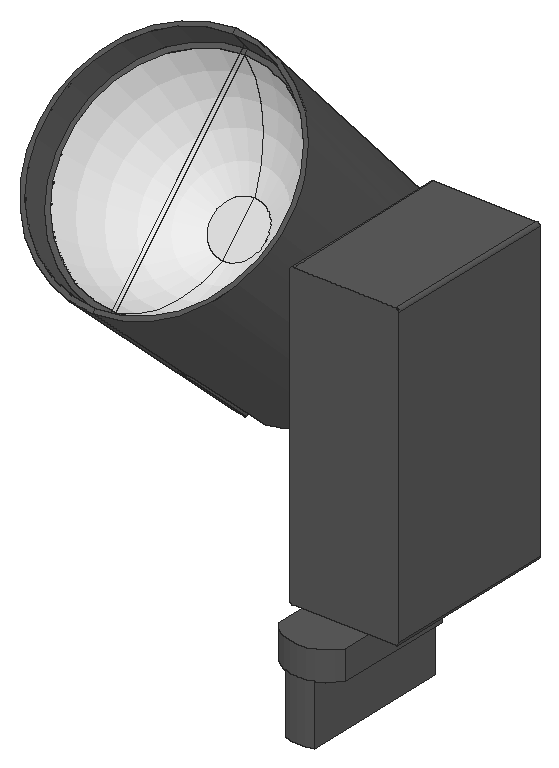
Revit family "0004946 Feilo Sylvania Lighting Fixture START TRACK SPOT L DALI 4405LM 930 WB BLK", category Lighting Fixtures, host Face, Revit 2017 (continued)
Definition of nested family "Start Track Spot Head"
  Types (96, lengths in mm): name | Wattage | built-in parameter 1150134 | Photometric Web File | Model | built-in parameter 1150105 | Lumens | built-in parameter 1150107 | built-in parameter 1150106 | HeadThickness_FEILO | HeadRibOffset_FEILO | HeadRibDepth_FEILO | HeadRibCutWidth_FEILO | HeadRibCutOffset_FEILO | HeadReflectorRadius_FEILO | HeadReflectorOffset_FEILO | HeadLEDRadius_FEILO | HeadHeight_FEILO | HeadDiffusorOffset_FEILO | HeadDiaOut_FEILO | HeadDiaIn_FEILO | HeadAxisFromTop_FEILO | Emit from Circle Diameter | built-in parameter 1150104 | Description | Apparent Load
    0004864 START TRACK SPOT S 24W 3K RA90 WB WHITE | 24 W | (empty or 0) | "0004864.ies" | "START TRACK SPOT S 24W 3K RA90 WB WHITE" | 152.79 (stored number, unit not read) | 1920 lm | 3000 (stored number, unit not read) | 1.5279 (stored number, unit not read) | 1.5 | 4.179 | 55.714 | 7.167 | 50.87 | 50.588 | 55.714 | 9.556 | 117 | 9.435 | 86 | 77.477 | 69.354 | 77.477 | 7.4322 (stored number, unit not read) | "Integrated LED spotlight, Textured White - RAL9016, compact and minimalist design, ideal for retail applications, die-cast aluminium body, passive cooling heatsink. Beam angle: 64°, color temperature: 3000K , total system power: 24W, total fixture output: 1928 lm, LOR: 100%, colour rendering: Ra: 90 typical, LED Chromaticity: 3 step MacAdam ellipse, lifetime: >50000 hours at L70B50, energy class: A++, A+, A, IR/UV free light source without heat radiation, operating voltage: 220-240V / 50-60Hz, drive current: 600mA, electronic driver, non-dimmable, power factor: 0.95, electrical protection: Class II, Global Track 3 Phase adapter suitable for Global trac 3-circuit tracks, ingress protection rating: IP20, suitable for internal environment only, horizontal rotation: 355°, vertical tilt: 90°, dimensions: Ø86x140x200, weight: 0.966kg." | 24 VA
    0004863 START TRACK SPOT S 24W 3K RA90 MB WHITE | 24 W | (empty or 0) | "0004863.ies" | "START TRACK SPOT S 24W 3K RA90 MB WHITE" | 154.7 (stored number, unit not read) | 1944 lm | 3000 (stored number, unit not read) | 1.547 (stored number, unit not read) | 1.5 | 4.179 | 55.714 | 7.167 | 50.87 | 50.588 | 55.714 | 9.556 | 117 | 9.435 | 86 | 77.477 | 69.354 | 77.477 | 7.5251 (stored number, unit not read) | "Integrated LED spotlight, Textured White - RAL9016, compact and minimalist design, ideal for retail applications, die-cast aluminium body, passive cooling heatsink. Beam angle: 36°, color temperature: 3000K , total system power: 24W, total fixture output: 1944 lm, LOR: 100%, colour rendering: Ra: 90 typical, LED Chromaticity: 3 step MacAdam ellipse, lifetime: >50000 hours at L70B50, energy class: A++, A+, A, IR/UV free light source without heat radiation, operating voltage: 220-240V / 50-60Hz, drive current: 600mA, electronic driver, non-dimmable, power factor: 0.95, electrical protection: Class II, Global Track 3 Phase adapter suitable for Global trac 3-circuit tracks, ingress protection rating: IP20, suitable for internal environment only, horizontal rotation: 355°, vertical tilt: 90°, dimensions: Ø86x140x200, weight: 0.966kg." | 24 VA
    0004862 START TRACK SPOT S 24W 3K RA90 NB WHITE | 24 W | (empty or 0) | "0004862.ies" | "START TRACK SPOT S 24W 3K RA90 NB WHITE" | 158.52 (stored number, unit not read) | 1992 lm | 3000 (stored number, unit not read) | 1.5852 (stored number, unit not read) | 1.5 | 4.179 | 55.714 | 7.167 | 50.87 | 50.588 | 55.714 | 9.556 | 117 | 9.435 | 86 | 77.477 | 69.354 | 77.477 | 7.711 (stored number, unit not read) | "Integrated LED spotlight, Textured White - RAL9016, compact and minimalist design, ideal for retail applications, die-cast aluminium body, passive cooling heatsink. Beam angle: 12°, color temperature: 3000K , total system power: 24W, total fixture output: 1987 lm, LOR: 100%, colour rendering: Ra: 90 typical, LED Chromaticity: 3 step MacAdam ellipse, lifetime: >50000 hours at L70B50, energy class: A++, A+, A, IR/UV free light source without heat radiation, operating voltage: 220-240V / 50-60Hz, drive current: 600mA, electronic driver, non-dimmable, power factor: 0.95, electrical protection: Class II, Global Track 3 Phase adapter suitable for Global trac 3-circuit tracks, ingress protection rating: IP20, suitable for internal environment only, horizontal rotation: 355°, vertical tilt: 90°, dimensions: Ø86x140x200, weight: 0.966kg." | 24 VA
    0004861 START TRACK SPOT S 14W 3K RA90 WB WHITE | 14 W | (empty or 0) | "0004861.ies" | "START TRACK SPOT S 14W 3K RA90 WB WHITE" | 100.27 (stored number, unit not read) | 1260 lm | 3000 (stored number, unit not read) | 1.0027 (stored number, unit not read) | 1.5 | 4.179 | 55.714 | 7.167 | 50.87 | 50.588 | 55.714 | 9.556 | 117 | 9.435 | 86 | 77.477 | 69.354 | 77.477 | 8.3613 (stored number, unit not read) | "Integrated LED spotlight, Textured White - RAL9016, compact and minimalist design, ideal for retail applications, die-cast aluminium body, passive cooling heatsink. Beam angle: 64°, color temperature: 3000K , total system power: 14W, total fixture output: 1262 lm, LOR: 100%, colour rendering: Ra: 90 typical, LED Chromaticity: 3 step MacAdam ellipse, lifetime: >50000 hours at L70B50, energy class: A++, A+, A, IR/UV free light source without heat radiation, operating voltage: 220-240V / 50-60Hz, drive current: 350mA, electronic driver, non-dimmable, power factor: 0.92, electrical protection: Class II, Global Track 3 Phase adapter suitable for Global trac 3-circuit tracks, ingress protection rating: IP20, suitable for internal environment only, horizontal rotation: 355°, vertical tilt: 90°, dimensions: Ø86x140x200, weight: 0.940kg." | 14 VA
    0004860 START TRACK SPOT S 14W 3K RA90 MB WHITE | 14 W | (empty or 0) | "0004860.ies" | "START TRACK SPOT S 14W 3K RA90 MB WHITE" | 100.27 (stored number, unit not read) | 1260 lm | 3000 (stored number, unit not read) | 1.0027 (stored number, unit not read) | 1.5 | 4.179 | 55.714 | 7.167 | 50.87 | 50.588 | 55.714 | 9.556 | 117 | 9.435 | 86 | 77.477 | 69.354 | 77.477 | 8.3613 (stored number, unit not read) | "Integrated LED spotlight, Textured White - RAL9016, compact and minimalist design, ideal for retail applications, die-cast aluminium body, passive cooling heatsink. Beam angle: 36°, color temperature: 3000K , total system power: 14W, total fixture output: 1262 lm, LOR: 100%, colour rendering: Ra: 90 typical, LED Chromaticity: 3 step MacAdam ellipse, lifetime: >50000 hours at L70B50, energy class: A++, A+, A, IR/UV free light source without heat radiation, operating voltage: 220-240V / 50-60Hz, drive current: 350mA, electronic driver, non-dimmable, power factor: 0.92, electrical protection: Class II, Global Track 3 Phase adapter suitable for Global trac 3-circuit tracks, ingress protection rating: IP20, suitable for internal environment only, horizontal rotation: 355°, vertical tilt: 90°, dimensions: Ø86x140x200, weight: 0.940kg." | 14 VA
    0004859 START TRACK SPOT S 14W 3K RA90 NB WHITE | 14 W | (empty or 0) | "0004859.ies" | "START TRACK SPOT S 14W 3K RA90 NB WHITE" | 102.5 (stored number, unit not read) | 1288 lm | 3000 (stored number, unit not read) | 1.025 (stored number, unit not read) | 1.5 | 4.179 | 55.714 | 7.167 | 50.87 | 50.588 | 55.714 | 9.556 | 117 | 9.435 | 86 | 77.477 | 69.354 | 77.477 | 8.5471 (stored number, unit not read) | "Integrated LED spotlight, Textured White - RAL9016, compact and minimalist design, ideal for retail applications, die-cast aluminium body, passive cooling heatsink. Beam angle: 12°, color temperature: 3000K , total system power: 14W, total fixture output: 1284 lm, LOR: 100%, colour rendering: Ra: 90 typical, LED Chromaticity: 3 step MacAdam ellipse, lifetime: >50000 hours at L70B50, energy class: A++, A+, A, IR/UV free light source without heat radiation, operating voltage: 220-240V / 50-60Hz, drive current: 350mA, electronic driver, non-dimmable, power factor: 0.92, electrical protection: Class II, Global Track 3 Phase adapter suitable for Global trac 3-circuit tracks, ingress protection rating: IP20, suitable for internal environment only, horizontal rotation: 355°, vertical tilt: 90°, dimensions: Ø86x140x200, weight: 0.940kg." | 14 VA
    0004858 START TRACK SPOT L 55W 4K RA80 WB BLACK | 55 W | 12 | "0004858.ies" | "START TRACK SPOT L 55W 4K RA80 WB BLACK" | 424.55 (stored number, unit not read) | 5335 lm | 4000 (stored number, unit not read) | 4.2455 (stored number, unit not read) | 2 | 4.429 | 59.048 | 9.417 | 53.913 | 66.471 | 59.048 | 12.556 | 124 | 10 | 113 | 101.802 | 73.503 | 101.802 | 9.0116 (stored number, unit not read) | "Integrated LED spotlight, Textured Black - RAL9005, compact and minimalist design, ideal for retail applications, die-cast aluminium body, passive cooling heatsink. Beam angle: 52°, color temperature: 4000K , total system power: 55W, total fixture output: 5320 lm, LOR: 100%, colour rendering: Ra: 80 typical, LED Chromaticity: 3 step MacAdam ellipse, lifetime: >50000 hours at L70B50, energy class: A++, A+, A, IR/UV free light source without heat radiation, operating voltage: 220-240V / 50-60Hz, drive current: 1400mA, electronic driver, non-dimmable, power factor: 0.96, electrical protection: Class II, Global Track 3 Phase adapter suitable for Global trac 3-circuit tracks, ingress protection rating: IP20, suitable for internal environment only, horizontal rotation: 355°, vertical tilt: 90°, dimensions: Ø113x164x240, weight: 1.398kg." | 55 VA
    0004857 START TRACK SPOT L 55W 4K RA80 MB BLACK | 55 W | 12 | "0004857.ies" | "START TRACK SPOT L 55W 4K RA80 MB BLACK" | 428.92 (stored number, unit not read) | 5390 lm | 4000 (stored number, unit not read) | 4.2892 (stored number, unit not read) | 2 | 4.429 | 59.048 | 9.417 | 53.913 | 66.471 | 59.048 | 12.556 | 124 | 10 | 113 | 101.802 | 73.503 | 101.802 | 9.1045 (stored number, unit not read) | "Integrated LED spotlight, Textured Black - RAL9005, compact and minimalist design, ideal for retail applications, die-cast aluminium body, passive cooling heatsink. Beam angle: 38°, color temperature: 4000K , total system power: 55W, total fixture output: 5378 lm, LOR: 100%, colour rendering: Ra: 80 typical, LED Chromaticity: 3 step MacAdam ellipse, lifetime: >50000 hours at L70B50, energy class: A++, A+, A, IR/UV free light source without heat radiation, operating voltage: 220-240V / 50-60Hz, drive current: 1400mA, electronic driver, non-dimmable, power factor: 0.96, electrical protection: Class II, Global Track 3 Phase adapter suitable for Global trac 3-circuit tracks, ingress protection rating: IP20, suitable for internal environment only, horizontal rotation: 355°, vertical tilt: 90°, dimensions: Ø113x164x240, weight: 1.398kg." | 55 VA
    0004856 START TRACK SPOT L 55W 4K RA80 NB BLACK | 55 W | 12 | "0004856.ies" | "START TRACK SPOT L 55W 4K RA80 NB BLACK" | 433.3 (stored number, unit not read) | 5445 lm | 4000 (stored number, unit not read) | 4.333 (stored number, unit not read) | 2 | 4.429 | 59.048 | 9.417 | 53.913 | 66.471 | 59.048 | 12.556 | 124 | 10 | 113 | 101.802 | 73.503 | 101.802 | 9.1974 (stored number, unit not read) | "Integrated LED spotlight, Textured Black - RAL9005, compact and minimalist design, ideal for retail applications, die-cast aluminium body, passive cooling heatsink. Beam angle: 15°, color temperature: 4000K , total system power: 55W, total fixture output: 5426 lm, LOR: 100%, colour rendering: Ra: 80 typical, LED Chromaticity: 3 step MacAdam ellipse, lifetime: >50000 hours at L70B50, energy class: A++, A+, A, IR/UV free light source without heat radiation, operating voltage: 220-240V / 50-60Hz, drive current: 1400mA, electronic driver, non-dimmable, power factor: 0.96, electrical protection: Class II, Global Track 3 Phase adapter suitable for Global trac 3-circuit tracks, ingress protection rating: IP20, suitable for internal environment only, horizontal rotation: 355°, vertical tilt: 90°, dimensions: Ø113x164x240, weight: 1.398kg." | 55 VA
    0004855 START TRACK SPOT L 35W 4K RA80 WB BLACK | 35 W | 12 | "0004855.ies" | "START TRACK SPOT L 35W 4K RA80 WB BLACK" | 320.3 (stored number, unit not read) | 4025 lm | 4000 (stored number, unit not read) | 3.203 (stored number, unit not read) | 2 | 4.429 | 59.048 | 9.417 | 53.913 | 66.471 | 59.048 | 12.556 | 124 | 10 | 113 | 101.802 | 73.503 | 101.802 | 10.684 (stored number, unit not read) | "Integrated LED spotlight, Textured Black - RAL9005, compact and minimalist design, ideal for retail applications, die-cast aluminium body, passive cooling heatsink. Beam angle: 52°, color temperature: 4000K , total system power: 35W, total fixture output: 4010 lm, LOR: 100%, colour rendering: Ra: 80 typical, LED Chromaticity: 3 step MacAdam ellipse, lifetime: >50000 hours at L70B50, energy class: A++, A+, A, IR/UV free light source without heat radiation, operating voltage: 220-240V / 50-60Hz, drive current: 900mA, electronic driver, non-dimmable, power factor: 0.93, electrical protection: Class II, Global Track 3 Phase adapter suitable for Global trac 3-circuit tracks, ingress protection rating: IP20, suitable for internal environment only, horizontal rotation: 355°, vertical tilt: 90°, dimensions: Ø113x164x240, weight: 1.368kg." | 35 VA
    0004854 START TRACK SPOT L 35W 4K RA80 MB BLACK | 35 W | 12 | "0004854.ies" | "START TRACK SPOT L 35W 4K RA80 MB BLACK" | 320.3 (stored number, unit not read) | 4025 lm | 4000 (stored number, unit not read) | 3.203 (stored number, unit not read) | 2 | 4.429 | 59.048 | 9.417 | 53.913 | 66.471 | 59.048 | 12.556 | 124 | 10 | 113 | 101.802 | 73.503 | 101.802 | 10.684 (stored number, unit not read) | "Integrated LED spotlight, Textured Black - RAL9005, compact and minimalist design, ideal for retail applications, die-cast aluminium body, passive cooling heatsink. Beam angle: 38°, color temperature: 4000K , total system power: 35W, total fixture output: 4017 lm, LOR: 100%, colour rendering: Ra: 80 typical, LED Chromaticity: 3 step MacAdam ellipse, lifetime: >50000 hours at L70B50, energy class: A++, A+, A, IR/UV free light source without heat radiation, operating voltage: 220-240V / 50-60Hz, drive current: 900mA, electronic driver, non-dimmable, power factor: 0.93, electrical protection: Class II, Global Track 3 Phase adapter suitable for Global trac 3-circuit tracks, ingress protection rating: IP20, suitable for internal environment only, horizontal rotation: 355°, vertical tilt: 90°, dimensions: Ø113x164x240, weight: 1.368kg." | 35 VA
    0004853 START TRACK SPOT L 35W 4K RA80 NB BLACK | 35 W | 12 | "0004853.ies" | "START TRACK SPOT L 35W 4K RA80 NB BLACK" | 331.44 (stored number, unit not read) | 4165 lm | 4000 (stored number, unit not read) | 3.3144 (stored number, unit not read) | 2 | 4.429 | 59.048 | 9.417 | 53.913 | 66.471 | 59.048 | 12.556 | 124 | 10 | 113 | 101.802 | 73.503 | 101.802 | 11.055 (stored number, unit not read) | "Integrated LED spotlight, Textured Black - RAL9005, compact and minimalist design, ideal for retail applications, die-cast aluminium body, passive cooling heatsink. Beam angle: 15°, color temperature: 4000K , total system power: 35W, total fixture output: 4174 lm, LOR: 100%, colour rendering: Ra: 80 typical, LED Chromaticity: 3 step MacAdam ellipse, lifetime: >50000 hours at L70B50, energy class: A++, A+, A, IR/UV free light source without heat radiation, operating voltage: 220-240V / 50-60Hz, drive current: 900mA, electronic driver, non-dimmable, power factor: 0.93, electrical protection: Class II, Global Track 3 Phase adapter suitable for Global trac 3-circuit tracks, ingress protection rating: IP20, suitable for internal environment only, horizontal rotation: 355°, vertical tilt: 90°, dimensions: Ø113x164x240, weight: 1.368kg." | 35 VA
    0004852 START TRACK SPOT S 24W 4K RA80 WB BLACK | 24 W | 12 | "0004852.ies" | "START TRACK SPOT S 24W 4K RA80 WB BLACK" | 196.72 (stored number, unit not read) | 2472 lm | 4000 (stored number, unit not read) | 1.9672 (stored number, unit not read) | 1.5 | 4.179 | 55.714 | 7.167 | 50.87 | 50.588 | 55.714 | 9.556 | 117 | 9.435 | 86 | 77.477 | 69.354 | 77.477 | 9.569 (stored number, unit not read) | "Integrated LED spotlight, Textured Black - RAL9005, compact and minimalist design, ideal for retail applications, die-cast aluminium body, passive cooling heatsink. Beam angle: 64°, color temperature: 4000K , total system power: 24W, total fixture output: 2476 lm, LOR: 100%, colour rendering: Ra: 80 typical, LED Chromaticity: 3 step MacAdam ellipse, lifetime: >50000 hours at L70B50, energy class: A++, A+, A, IR/UV free light source without heat radiation, operating voltage: 220-240V / 50-60Hz, drive current: 600mA, electronic driver, non-dimmable, power factor: 0.95, electrical protection: Class II, Global Track 3 Phase adapter suitable for Global trac 3-circuit tracks, ingress protection rating: IP20, suitable for internal environment only, horizontal rotation: 355°, vertical tilt: 90°, dimensions: Ø86x140x200, weight: 0.966kg." | 24 VA
    0004851 START TRACK SPOT S 24W 4K RA80 MB BLACK | 24 W | 12 | "0004851.ies" | "START TRACK SPOT S 24W 4K RA80 MB BLACK" | 198.63 (stored number, unit not read) | 2496 lm | 4000 (stored number, unit not read) | 1.9863 (stored number, unit not read) | 1.5 | 4.179 | 55.714 | 7.167 | 50.87 | 50.588 | 55.714 | 9.556 | 117 | 9.435 | 86 | 77.477 | 69.354 | 77.477 | 9.6619 (stored number, unit not read) | "Integrated LED spotlight, Textured Black - RAL9005, compact and minimalist design, ideal for retail applications, die-cast aluminium body, passive cooling heatsink. Beam angle: 36°, color temperature: 4000K , total system power: 24W, total fixture output: 2487 lm, LOR: 100%, colour rendering: Ra: 80 typical, LED Chromaticity: 3 step MacAdam ellipse, lifetime: >50000 hours at L70B50, energy class: A++, A+, A, IR/UV free light source without heat radiation, operating voltage: 220-240V / 50-60Hz, drive current: 600mA, electronic driver, non-dimmable, power factor: 0.95, electrical protection: Class II, Global Track 3 Phase adapter suitable for Global trac 3-circuit tracks, ingress protection rating: IP20, suitable for internal environment only, horizontal rotation: 355°, vertical tilt: 90°, dimensions: Ø86x140x200, weight: 0.966kg." | 24 VA
    0004850 START TRACK SPOT S 24W 4K RA80 NB BLACK | 24 W | 12 | "0004850.ies" | "START TRACK SPOT S 24W 4K RA80 NB BLACK" | 200.54 (stored number, unit not read) | 2520 lm | 4000 (stored number, unit not read) | 2.0054 (stored number, unit not read) | 1.5 | 4.179 | 55.714 | 7.167 | 50.87 | 50.588 | 55.714 | 9.556 | 117 | 9.435 | 86 | 77.477 | 69.354 | 77.477 | 9.7548 (stored number, unit not read) | "Integrated LED spotlight, Textured Black - RAL9005, compact and minimalist design, ideal for retail applications, die-cast aluminium body, passive cooling heatsink. Beam angle: 12°, color temperature: 4000K , total system power: 24W, total fixture output: 2529 lm, LOR: 100%, colour rendering: Ra: 80 typical, LED Chromaticity: 3 step MacAdam ellipse, lifetime: >50000 hours at L70B50, energy class: A++, A+, A, IR/UV free light source without heat radiation, operating voltage: 220-240V / 50-60Hz, drive current: 600mA, electronic driver, non-dimmable, power factor: 0.95, electrical protection: Class II, Global Track 3 Phase adapter suitable for Global trac 3-circuit tracks, ingress protection rating: IP20, suitable for internal environment only, horizontal rotation: 355°, vertical tilt: 90°, dimensions: Ø86x140x200, weight: 0.966kg." | 24 VA
    0004849 START TRACK SPOT S 14W 4K RA80 WB BLACK | 14 W | 12 | "0004849.ies" | "START TRACK SPOT S 14W 4K RA80 WB BLACK" | 123.66 (stored number, unit not read) | 1554 lm | 4000 (stored number, unit not read) | 1.2366 (stored number, unit not read) | 1.5 | 4.179 | 55.714 | 7.167 | 50.87 | 50.588 | 55.714 | 9.556 | 117 | 9.435 | 86 | 77.477 | 69.354 | 77.477 | 10.312 (stored number, unit not read) | "Integrated LED spotlight, Textured Black - RAL9005, compact and minimalist design, ideal for retail applications, die-cast aluminium body, passive cooling heatsink. Beam angle: 64°, color temperature: 4000K , total system power: 14W, total fixture output: 1558 lm, LOR: 100%, colour rendering: Ra: 80 typical, LED Chromaticity: 3 step MacAdam ellipse, lifetime: >50000 hours at L70B50, energy class: A++, A+, A, IR/UV free light source without heat radiation, operating voltage: 220-240V / 50-60Hz, drive current: 350mA, electronic driver, non-dimmable, power factor: 0.92, electrical protection: Class II, Global Track 3 Phase adapter suitable for Global trac 3-circuit tracks, ingress protection rating: IP20, suitable for internal environment only, horizontal rotation: 355°, vertical tilt: 90°, dimensions: Ø86x140x200, weight: 0.940kg." | 14 VA
    0004848 START TRACK SPOT S 14W 4K RA80 MB BLACK | 14 W | 12 | "0004848.ies" | "START TRACK SPOT S 14W 4K RA80 MB BLACK" | 127.01 (stored number, unit not read) | 1596 lm | 4000 (stored number, unit not read) | 1.2701 (stored number, unit not read) | 1.5 | 4.179 | 55.714 | 7.167 | 50.87 | 50.588 | 55.714 | 9.556 | 117 | 9.435 | 86 | 77.477 | 69.354 | 77.477 | 10.591 (stored number, unit not read) | "Integrated LED spotlight, Textured Black - RAL9005, compact and minimalist design, ideal for retail applications, die-cast aluminium body, passive cooling heatsink. Beam angle: 36°, color temperature: 4000K , total system power: 14W, total fixture output: 1598 lm, LOR: 100%, colour rendering: Ra: 80 typical, LED Chromaticity: 3 step MacAdam ellipse, lifetime: >50000 hours at L70B50, energy class: A++, A+, A, IR/UV free light source without heat radiation, operating voltage: 220-240V / 50-60Hz, drive current: 350mA, electronic driver, non-dimmable, power factor: 0.92, electrical protection: Class II, Global Track 3 Phase adapter suitable for Global trac 3-circuit tracks, ingress protection rating: IP20, suitable for internal environment only, horizontal rotation: 355°, vertical tilt: 90°, dimensions: Ø86x140x200, weight: 0.940kg." | 14 VA
    0004847 START TRACK SPOT S 14W 4K RA80 NB BLACK | 14 W | 12 | "0004847.ies" | "START TRACK SPOT S 14W 4K RA80 NB BLACK" | 128.12 (stored number, unit not read) | 1610 lm | 4000 (stored number, unit not read) | 1.2812 (stored number, unit not read) | 1.5 | 4.179 | 55.714 | 7.167 | 50.87 | 50.588 | 55.714 | 9.556 | 117 | 9.435 | 86 | 77.477 | 69.354 | 77.477 | 10.684 (stored number, unit not read) | "Integrated LED spotlight, Textured Black - RAL9005, compact and minimalist design, ideal for retail applications, die-cast aluminium body, passive cooling heatsink. Beam angle: 12°, color temperature: 4000K , total system power: 14W, total fixture output: 1608 lm, LOR: 100%, colour rendering: Ra: 80 typical, LED Chromaticity: 3 step MacAdam ellipse, lifetime: >50000 hours at L70B50, energy class: A++, A+, A, IR/UV free light source without heat radiation, operating voltage: 220-240V / 50-60Hz, drive current: 350mA, electronic driver, non-dimmable, power factor: 0.92, electrical protection: Class II, Global Track 3 Phase adapter suitable for Global trac 3-circuit tracks, ingress protection rating: IP20, suitable for internal environment only, horizontal rotation: 355°, vertical tilt: 90°, dimensions: Ø86x140x200, weight: 0.940kg." | 14 VA
    0004846 START TRACK SPOT L 55W 3K RA80 WB BLACK | 55 W | (empty or 0) | "0004846.ies" | "START TRACK SPOT L 55W 3K RA80 WB BLACK" | 420.17 (stored number, unit not read) | 5280 lm | 3000 (stored number, unit not read) | 4.2017 (stored number, unit not read) | 2 | 4.429 | 59.048 | 9.417 | 53.913 | 66.471 | 59.048 | 12.556 | 124 | 10 | 113 | 101.802 | 73.503 | 101.802 | 8.9187 (stored number, unit not read) | "Integrated LED spotlight, Textured Black - RAL9005, compact and minimalist design, ideal for retail applications, die-cast aluminium body, passive cooling heatsink. Beam angle: 52°, color temperature: 3000K , total system power: 55W, total fixture output: 5298 lm, LOR: 100%, colour rendering: Ra: 80 typical, LED Chromaticity: 3 step MacAdam ellipse, lifetime: >50000 hours at L70B50, energy class: A++, A+, A, IR/UV free light source without heat radiation, operating voltage: 220-240V / 50-60Hz, drive current: 1400mA, electronic driver, non-dimmable, power factor: 0.96, electrical protection: Class II, Global Track 3 Phase adapter suitable for Global trac 3-circuit tracks, ingress protection rating: IP20, suitable for internal environment only, horizontal rotation: 355°, vertical tilt: 90°, dimensions: Ø113x164x240, weight: 1.398kg." | 55 VA
    0004845 START TRACK SPOT L 55W 3K RA80 MB BLACK | 55 W | (empty or 0) | "0004845.ies" | "START TRACK SPOT L 55W 3K RA80 MB BLACK" | 428.92 (stored number, unit not read) | 5390 lm | 3000 (stored number, unit not read) | 4.2892 (stored number, unit not read) | 2 | 4.429 | 59.048 | 9.417 | 53.913 | 66.471 | 59.048 | 12.556 | 124 | 10 | 113 | 101.802 | 73.503 | 101.802 | 9.1045 (stored number, unit not read) | "Integrated LED spotlight, Textured Black - RAL9005, compact and minimalist design, ideal for retail applications, die-cast aluminium body, passive cooling heatsink. Beam angle: 38°, color temperature: 3000K , total system power: 55W, total fixture output: 5381 lm, LOR: 100%, colour rendering: Ra: 80 typical, LED Chromaticity: 3 step MacAdam ellipse, lifetime: >50000 hours at L70B50, energy class: A++, A+, A, IR/UV free light source without heat radiation, operating voltage: 220-240V / 50-60Hz, drive current: 1400mA, electronic driver, non-dimmable, power factor: 0.96, electrical protection: Class II, Global Track 3 Phase adapter suitable for Global trac 3-circuit tracks, ingress protection rating: IP20, suitable for internal environment only, horizontal rotation: 355°, vertical tilt: 90°, dimensions: Ø113x164x240, weight: 1.398kg." | 55 VA
    0004844 START TRACK SPOT L 55W 3K RA80 NB BLACK | 55 W | (empty or 0) | "0004844.ies" | "START TRACK SPOT L 55W 3K RA80 NB BLACK" | 433.3 (stored number, unit not read) | 5445 lm | 3000 (stored number, unit not read) | 4.333 (stored number, unit not read) | 2 | 4.429 | 59.048 | 9.417 | 53.913 | 66.471 | 59.048 | 12.556 | 124 | 10 | 113 | 101.802 | 73.503 | 101.802 | 9.1974 (stored number, unit not read) | "Integrated LED spotlight, Textured Black - RAL9005, compact and minimalist design, ideal for retail applications, die-cast aluminium body, passive cooling heatsink. Beam angle: 15°, color temperature: 3000K , total system power: 55W, total fixture output: 5449 lm, LOR: 100%, colour rendering: Ra: 80 typical, LED Chromaticity: 3 step MacAdam ellipse, lifetime: >50000 hours at L70B50, energy class: A++, A+, A, IR/UV free light source without heat radiation, operating voltage: 220-240V / 50-60Hz, drive current: 1400mA, electronic driver, non-dimmable, power factor: 0.96, electrical protection: Class II, Global Track 3 Phase adapter suitable for Global trac 3-circuit tracks, ingress protection rating: IP20, suitable for internal environment only, horizontal rotation: 355°, vertical tilt: 90°, dimensions: Ø113x164x240, weight: 1.398kg." | 55 VA
    0004843 START TRACK SPOT L 35W 3K RA80 WB BLACK | 35 W | (empty or 0) | "0004843.ies" | "START TRACK SPOT L 35W 3K RA80 WB BLACK" | 314.73 (stored number, unit not read) | 3955 lm | 3000 (stored number, unit not read) | 3.1473 (stored number, unit not read) | 2 | 4.429 | 59.048 | 9.417 | 53.913 | 66.471 | 59.048 | 12.556 | 124 | 10 | 113 | 101.802 | 73.503 | 101.802 | 10.498 (stored number, unit not read) | "Integrated LED spotlight, Textured Black - RAL9005, compact and minimalist design, ideal for retail applications, die-cast aluminium body, passive cooling heatsink. Beam angle: 52°, color temperature: 3000K , total system power: 35W, total fixture output: 3943 lm, LOR: 100%, colour rendering: Ra: 80 typical, LED Chromaticity: 3 step MacAdam ellipse, lifetime: >50000 hours at L70B50, energy class: A++, A+, A, IR/UV free light source without heat radiation, operating voltage: 220-240V / 50-60Hz, drive current: 900mA, electronic driver, non-dimmable, power factor: 0.93, electrical protection: Class II, Global Track 3 Phase adapter suitable for Global trac 3-circuit tracks, ingress protection rating: IP20, suitable for internal environment only, horizontal rotation: 355°, vertical tilt: 90°, dimensions: Ø113x164x240, weight: 1.368kg." | 35 VA
    0004842 START TRACK SPOT L 35W 3K RA80 MB BLACK | 35 W | (empty or 0) | "0004842.ies" | "START TRACK SPOT L 35W 3K RA80 MB BLACK" | 320.3 (stored number, unit not read) | 4025 lm | 3000 (stored number, unit not read) | 3.203 (stored number, unit not read) | 2 | 4.429 | 59.048 | 9.417 | 53.913 | 66.471 | 59.048 | 12.556 | 124 | 10 | 113 | 101.802 | 73.503 | 101.802 | 10.684 (stored number, unit not read) | "Integrated LED spotlight, Textured Black - RAL9005, compact and minimalist design, ideal for retail applications, die-cast aluminium body, passive cooling heatsink. Beam angle: 38°, color temperature: 3000K , total system power: 35W, total fixture output: 4008 lm, LOR: 100%, colour rendering: Ra: 80 typical, LED Chromaticity: 3 step MacAdam ellipse, lifetime: >50000 hours at L70B50, energy class: A++, A+, A, IR/UV free light source without heat radiation, operating voltage: 220-240V / 50-60Hz, drive current: 900mA, electronic driver, non-dimmable, power factor: 0.93, electrical protection: Class II, Global Track 3 Phase adapter suitable for Global trac 3-circuit tracks, ingress protection rating: IP20, suitable for internal environment only, horizontal rotation: 355°, vertical tilt: 90°, dimensions: Ø113x164x240, weight: 1.368kg." | 35 VA
    0004841 START TRACK SPOT L 35W 3K RA80 NB BLACK | 35 W | (empty or 0) | "0004841.ies" | "START TRACK SPOT L 35W 3K RA80 NB BLACK" | 317.51 (stored number, unit not read) | 3990 lm | 3000 (stored number, unit not read) | 3.1751 (stored number, unit not read) | 2 | 4.429 | 59.048 | 9.417 | 53.913 | 66.471 | 59.048 | 12.556 | 124 | 10 | 113 | 101.802 | 73.503 | 101.802 | 10.591 (stored number, unit not read) | "Integrated LED spotlight, Textured Black - RAL9005, compact and minimalist design, ideal for retail applications, die-cast aluminium body, passive cooling heatsink. Beam angle: 15°, color temperature: 3000K , total system power: 35W, total fixture output: 4005 lm, LOR: 100%, colour rendering: Ra: 80 typical, LED Chromaticity: 3 step MacAdam ellipse, lifetime: >50000 hours at L70B50, energy class: A++, A+, A, IR/UV free light source without heat radiation, operating voltage: 220-240V / 50-60Hz, drive current: 900mA, electronic driver, non-dimmable, power factor: 0.93, electrical protection: Class II, Global Track 3 Phase adapter suitable for Global trac 3-circuit tracks, ingress protection rating: IP20, suitable for internal environment only, horizontal rotation: 355°, vertical tilt: 90°, dimensions: Ø113x164x240, weight: 1.368kg." | 35 VA
    0004840 START TRACK SPOT S 24W 3K RA80 WB BLACK | 24 W | (empty or 0) | "0004840.ies" | "START TRACK SPOT S 24W 3K RA80 WB BLACK" | 185.26 (stored number, unit not read) | 2328 lm | 3000 (stored number, unit not read) | 1.8526 (stored number, unit not read) | 1.5 | 4.179 | 55.714 | 7.167 | 50.87 | 50.588 | 55.714 | 9.556 | 117 | 9.435 | 86 | 77.477 | 69.354 | 77.477 | 9.0116 (stored number, unit not read) | "Integrated LED spotlight, Textured Black - RAL9005, compact and minimalist design, ideal for retail applications, die-cast aluminium body, passive cooling heatsink. Beam angle: 64°, color temperature: 3000K , total system power: 24W, total fixture output: 2318 lm, LOR: 100%, colour rendering: Ra: 80 typical, LED Chromaticity: 3 step MacAdam ellipse, lifetime: >50000 hours at L70B50, energy class: A++, A+, A, IR/UV free light source without heat radiation, operating voltage: 220-240V / 50-60Hz, drive current: 600mA, electronic driver, non-dimmable, power factor: 0.95, electrical protection: Class II, Global Track 3 Phase adapter suitable for Global trac 3-circuit tracks, ingress protection rating: IP20, suitable for internal environment only, horizontal rotation: 355°, vertical tilt: 90°, dimensions: Ø86x140x200, weight: 0.966kg." | 24 VA
    0004839 START TRACK SPOT S 24W 3K RA80 MB BLACK | 24 W | (empty or 0) | "0004839.ies" | "START TRACK SPOT S 24W 3K RA80 MB BLACK" | 183.35 (stored number, unit not read) | 2304 lm | 3000 (stored number, unit not read) | 1.8335 (stored number, unit not read) | 1.5 | 4.179 | 55.714 | 7.167 | 50.87 | 50.588 | 55.714 | 9.556 | 117 | 9.435 | 86 | 77.477 | 69.354 | 77.477 | 8.9187 (stored number, unit not read) | "Integrated LED spotlight, Textured Black - RAL9005, compact and minimalist design, ideal for retail applications, die-cast aluminium body, passive cooling heatsink. Beam angle: 36°, color temperature: 3000K , total system power: 24W, total fixture output: 2314 lm, LOR: 100%, colour rendering: Ra: 80 typical, LED Chromaticity: 3 step MacAdam ellipse, lifetime: >50000 hours at L70B50, energy class: A++, A+, A, IR/UV free light source without heat radiation, operating voltage: 220-240V / 50-60Hz, drive current: 600mA, electronic driver, non-dimmable, power factor: 0.95, electrical protection: Class II, Global Track 3 Phase adapter suitable for Global trac 3-circuit tracks, ingress protection rating: IP20, suitable for internal environment only, horizontal rotation: 355°, vertical tilt: 90°, dimensions: Ø86x140x200, weight: 0.966kg." | 24 VA
    0004838 START TRACK SPOT S 24W 3K RA80 NB BLACK | 24 W | (empty or 0) | "0004838.ies" | "START TRACK SPOT S 24W 3K RA80 NB BLACK" | 185.26 (stored number, unit not read) | 2328 lm | 3000 (stored number, unit not read) | 1.8526 (stored number, unit not read) | 1.5 | 4.179 | 55.714 | 7.167 | 50.87 | 50.588 | 55.714 | 9.556 | 117 | 9.435 | 86 | 77.477 | 69.354 | 77.477 | 9.0116 (stored number, unit not read) | "Integrated LED spotlight, Textured Black - RAL9005, compact and minimalist design, ideal for retail applications, die-cast aluminium body, passive cooling heatsink. Beam angle: 12°, color temperature: 3000K , total system power: 24W, total fixture output: 2334 lm, LOR: 100%, colour rendering: Ra: 80 typical, LED Chromaticity: 3 step MacAdam ellipse, lifetime: >50000 hours at L70B50, energy class: A++, A+, A, IR/UV free light source without heat radiation, operating voltage: 220-240V / 50-60Hz, drive current: 600mA, electronic driver, non-dimmable, power factor: 0.95, electrical protection: Class II, Global Track 3 Phase adapter suitable for Global trac 3-circuit tracks, ingress protection rating: IP20, suitable for internal environment only, horizontal rotation: 355°, vertical tilt: 90°, dimensions: Ø86x140x200, weight: 0.966kg." | 24 VA
    0004837 START TRACK SPOT S 14W 3K RA80 WB BLACK | 14 W | (empty or 0) | "0004837.ies" | "START TRACK SPOT S 14W 3K RA80 WB BLACK" | 119.21 (stored number, unit not read) | 1498 lm | 3000 (stored number, unit not read) | 1.1921 (stored number, unit not read) | 1.5 | 4.179 | 55.714 | 7.167 | 50.87 | 50.588 | 55.714 | 9.556 | 117 | 9.435 | 86 | 77.477 | 69.354 | 77.477 | 9.9406 (stored number, unit not read) | "Integrated LED spotlight, Textured Black - RAL9005, compact and minimalist design, ideal for retail applications, die-cast aluminium body, passive cooling heatsink. Beam angle: 64°, color temperature: 3000K , total system power: 14W, total fixture output: 1498 lm, LOR: 100%, colour rendering: Ra: 80 typical, LED Chromaticity: 3 step MacAdam ellipse, lifetime: >50000 hours at L70B50, energy class: A++, A+, A, IR/UV free light source without heat radiation, operating voltage: 220-240V / 50-60Hz, drive current: 350mA, electronic driver, non-dimmable, power factor: 0.92, electrical protection: Class II, Global Track 3 Phase adapter suitable for Global trac 3-circuit tracks, ingress protection rating: IP20, suitable for internal environment only, horizontal rotation: 355°, vertical tilt: 90°, dimensions: Ø86x140x200, weight: 0.940kg." | 14 VA
    0004836 START TRACK SPOT S 14W 3K RA80 MB BLACK | 14 W | (empty or 0) | "0004836.ies" | "START TRACK SPOT S 14W 3K RA80 MB BLACK" | 120.32 (stored number, unit not read) | 1512 lm | 3000 (stored number, unit not read) | 1.2032 (stored number, unit not read) | 1.5 | 4.179 | 55.714 | 7.167 | 50.87 | 50.588 | 55.714 | 9.556 | 117 | 9.435 | 86 | 77.477 | 69.354 | 77.477 | 10.034 (stored number, unit not read) | "Integrated LED spotlight, Textured Black - RAL9005, compact and minimalist design, ideal for retail applications, die-cast aluminium body, passive cooling heatsink. Beam angle: 36°, color temperature: 3000K , total system power: 14W, total fixture output: 1508 lm, LOR: 100%, colour rendering: Ra: 80 typical, LED Chromaticity: 3 step MacAdam ellipse, lifetime: >50000 hours at L70B50, energy class: A++, A+, A, IR/UV free light source without heat radiation, operating voltage: 220-240V / 50-60Hz, drive current: 350mA, electronic driver, non-dimmable, power factor: 0.92, electrical protection: Class II, Global Track 3 Phase adapter suitable for Global trac 3-circuit tracks, ingress protection rating: IP20, suitable for internal environment only, horizontal rotation: 355°, vertical tilt: 90°, dimensions: Ø86x140x200, weight: 0.940kg." | 14 VA
    0004835 START TRACK SPOT S 14W 3K RA80 NB BLACK | 14 W | (empty or 0) | "0004835.ies" | "START TRACK SPOT S 14W 3K RA80 NB BLACK" | 123.66 (stored number, unit not read) | 1554 lm | 3000 (stored number, unit not read) | 1.2366 (stored number, unit not read) | 1.5 | 4.179 | 55.714 | 7.167 | 50.87 | 50.588 | 55.714 | 9.556 | 117 | 9.435 | 86 | 77.477 | 69.354 | 77.477 | 10.312 (stored number, unit not read) | "Integrated LED spotlight, Textured Black - RAL9005, compact and minimalist design, ideal for retail applications, die-cast aluminium body, passive cooling heatsink. Beam angle: 12°, color temperature: 3000K , total system power: 14W, total fixture output: 1551 lm, LOR: 100%, colour rendering: Ra: 80 typical, LED Chromaticity: 3 step MacAdam ellipse, lifetime: >50000 hours at L70B50, energy class: A++, A+, A, IR/UV free light source without heat radiation, operating voltage: 220-240V / 50-60Hz, drive current: 350mA, electronic driver, non-dimmable, power factor: 0.92, electrical protection: Class II, Global Track 3 Phase adapter suitable for Global trac 3-circuit tracks, ingress protection rating: IP20, suitable for internal environment only, horizontal rotation: 355°, vertical tilt: 90°, dimensions: Ø86x140x200, weight: 0.940kg." | 14 VA
    0004834 START TRACK SPOT L 55W 4K RA80 WB WHITE | 55 W | 12 | "0004834.ies" | "START TRACK SPOT L 55W 4K RA80 WB WHITE" | 424.55 (stored number, unit not read) | 5335 lm | 4000 (stored number, unit not read) | 4.2455 (stored number, unit not read) | 2 | 4.429 | 59.048 | 9.417 | 53.913 | 66.471 | 59.048 | 12.556 | 124 | 10 | 113 | 101.802 | 73.503 | 101.802 | 9.0116 (stored number, unit not read) | "Integrated LED spotlight, Textured White - RAL9016, compact and minimalist design, ideal for retail applications, die-cast aluminium body, passive cooling heatsink. Beam angle: 52°, color temperature: 4000K , total system power: 55W, total fixture output: 5320 lm, LOR: 100%, colour rendering: Ra: 80 typical, LED Chromaticity: 3 step MacAdam ellipse, lifetime: >50000 hours at L70B50, energy class: A++, A+, A, IR/UV free light source without heat radiation, operating voltage: 220-240V / 50-60Hz, drive current: 1400mA, electronic driver, non-dimmable, power factor: 0.96, electrical protection: Class II, Global Track 3 Phase adapter suitable for Global trac 3-circuit tracks, ingress protection rating: IP20, suitable for internal environment only, horizontal rotation: 355°, vertical tilt: 90°, dimensions: Ø113x164x240, weight: 1.398kg." | 55 VA
    0004833 START TRACK SPOT L 55W 4K RA80 MB WHITE | 55 W | 12 | "0004833.ies" | "START TRACK SPOT L 55W 4K RA80 MB WHITE" | 428.92 (stored number, unit not read) | 5390 lm | 4000 (stored number, unit not read) | 4.2892 (stored number, unit not read) | 2 | 4.429 | 59.048 | 9.417 | 53.913 | 66.471 | 59.048 | 12.556 | 124 | 10 | 113 | 101.802 | 73.503 | 101.802 | 9.1045 (stored number, unit not read) | "Integrated LED spotlight, Textured White - RAL9016, compact and minimalist design, ideal for retail applications, die-cast aluminium body, passive cooling heatsink. Beam angle: 38°, color temperature: 4000K , total system power: 55W, total fixture output: 5378 lm, LOR: 100%, colour rendering: Ra: 80 typical, LED Chromaticity: 3 step MacAdam ellipse, lifetime: >50000 hours at L70B50, energy class: A++, A+, A, IR/UV free light source without heat radiation, operating voltage: 220-240V / 50-60Hz, drive current: 1400mA, electronic driver, non-dimmable, power factor: 0.96, electrical protection: Class II, Global Track 3 Phase adapter suitable for Global trac 3-circuit tracks, ingress protection rating: IP20, suitable for internal environment only, horizontal rotation: 355°, vertical tilt: 90°, dimensions: Ø113x164x240, weight: 1.398kg." | 55 VA
    0004832 START TRACK SPOT L 55W 4K RA80 NB WHITE | 55 W | 12 | "0004832.ies" | "START TRACK SPOT L 55W 4K RA80 NB WHITE" | 433.3 (stored number, unit not read) | 5445 lm | 4000 (stored number, unit not read) | 4.333 (stored number, unit not read) | 2 | 4.429 | 59.048 | 9.417 | 53.913 | 66.471 | 59.048 | 12.556 | 124 | 10 | 113 | 101.802 | 73.503 | 101.802 | 9.1974 (stored number, unit not read) | "Integrated LED spotlight, Textured White - RAL9016, compact and minimalist design, ideal for retail applications, die-cast aluminium body, passive cooling heatsink. Beam angle: 15°, color temperature: 4000K , total system power: 55W, total fixture output: 5426 lm, LOR: 100%, colour rendering: Ra: 80 typical, LED Chromaticity: 3 step MacAdam ellipse, lifetime: >50000 hours at L70B50, energy class: A++, A+, A, IR/UV free light source without heat radiation, operating voltage: 220-240V / 50-60Hz, drive current: 1400mA, electronic driver, non-dimmable, power factor: 0.96, electrical protection: Class II, Global Track 3 Phase adapter suitable for Global trac 3-circuit tracks, ingress protection rating: IP20, suitable for internal environment only, horizontal rotation: 355°, vertical tilt: 90°, dimensions: Ø113x164x240, weight: 1.398kg." | 55 VA
    0004831 START TRACK SPOT L 35W 4K RA80 WB WHITE | 35 W | 12 | "0004831.ies" | "START TRACK SPOT L 35W 4K RA80 WB WHITE" | 320.3 (stored number, unit not read) | 4025 lm | 4000 (stored number, unit not read) | 3.203 (stored number, unit not read) | 2 | 4.429 | 59.048 | 9.417 | 53.913 | 66.471 | 59.048 | 12.556 | 124 | 10 | 113 | 101.802 | 73.503 | 101.802 | 10.684 (stored number, unit not read) | "Integrated LED spotlight, Textured White - RAL9016, compact and minimalist design, ideal for retail applications, die-cast aluminium body, passive cooling heatsink. Beam angle: 52°, color temperature: 4000K , total system power: 35W, total fixture output: 4010 lm, LOR: 100%, colour rendering: Ra: 80 typical, LED Chromaticity: 3 step MacAdam ellipse, lifetime: >50000 hours at L70B50, energy class: A++, A+, A, IR/UV free light source without heat radiation, operating voltage: 220-240V / 50-60Hz, drive current: 900mA, electronic driver, non-dimmable, power factor: 0.93, electrical protection: Class II, Global Track 3 Phase adapter suitable for Global trac 3-circuit tracks, ingress protection rating: IP20, suitable for internal environment only, horizontal rotation: 355°, vertical tilt: 90°, dimensions: Ø113x164x240, weight: 1.368kg." | 35 VA
    0004830 START TRACK SPOT L 35W 4K RA80 MB WHITE | 35 W | 12 | "0004830.ies" | "START TRACK SPOT L 35W 4K RA80 MB WHITE" | 320.3 (stored number, unit not read) | 4025 lm | 4000 (stored number, unit not read) | 3.203 (stored number, unit not read) | 2 | 4.429 | 59.048 | 9.417 | 53.913 | 66.471 | 59.048 | 12.556 | 124 | 10 | 113 | 101.802 | 73.503 | 101.802 | 10.684 (stored number, unit not read) | "Integrated LED spotlight, Textured White - RAL9016, compact and minimalist design, ideal for retail applications, die-cast aluminium body, passive cooling heatsink. Beam angle: 38°, color temperature: 4000K , total system power: 35W, total fixture output: 4017 lm, LOR: 100%, colour rendering: Ra: 80 typical, LED Chromaticity: 3 step MacAdam ellipse, lifetime: >50000 hours at L70B50, energy class: A++, A+, A, IR/UV free light source without heat radiation, operating voltage: 220-240V / 50-60Hz, drive current: 900mA, electronic driver, non-dimmable, power factor: 0.93, electrical protection: Class II, Global Track 3 Phase adapter suitable for Global trac 3-circuit tracks, ingress protection rating: IP20, suitable for internal environment only, horizontal rotation: 355°, vertical tilt: 90°, dimensions: Ø113x164x240, weight: 1.368kg." | 35 VA
    0004829 START TRACK SPOT L 35W 4K RA80 NB WHITE | 35 W | 12 | "0004829.ies" | "START TRACK SPOT L 35W 4K RA80 NB WHITE" | 331.44 (stored number, unit not read) | 4165 lm | 4000 (stored number, unit not read) | 3.3144 (stored number, unit not read) | 2 | 4.429 | 59.048 | 9.417 | 53.913 | 66.471 | 59.048 | 12.556 | 124 | 10 | 113 | 101.802 | 73.503 | 101.802 | 11.055 (stored number, unit not read) | "Integrated LED spotlight, Textured White - RAL9016, compact and minimalist design, ideal for retail applications, die-cast aluminium body, passive cooling heatsink. Beam angle: 15°, color temperature: 4000K , total system power: 35W, total fixture output: 4174 lm, LOR: 100%, colour rendering: Ra: 80 typical, LED Chromaticity: 3 step MacAdam ellipse, lifetime: >50000 hours at L70B50, energy class: A++, A+, A, IR/UV free light source without heat radiation, operating voltage: 220-240V / 50-60Hz, drive current: 900mA, electronic driver, non-dimmable, power factor: 0.93, electrical protection: Class II, Global Track 3 Phase adapter suitable for Global trac 3-circuit tracks, ingress protection rating: IP20, suitable for internal environment only, horizontal rotation: 355°, vertical tilt: 90°, dimensions: Ø113x164x240, weight: 1.368kg." | 35 VA
    0004828 START TRACK SPOT S 24W 4K RA80 WB WHITE | 24 W | 12 | "0004828.ies" | "START TRACK SPOT S 24W 4K RA80 WB WHITE" | 196.72 (stored number, unit not read) | 2472 lm | 4000 (stored number, unit not read) | 1.9672 (stored number, unit not read) | 1.5 | 4.179 | 55.714 | 7.167 | 50.87 | 50.588 | 55.714 | 9.556 | 117 | 9.435 | 86 | 77.477 | 69.354 | 77.477 | 9.569 (stored number, unit not read) | "Integrated LED spotlight, Textured White - RAL9016, compact and minimalist design, ideal for retail applications, die-cast aluminium body, passive cooling heatsink. Beam angle: 64°, color temperature: 4000K , total system power: 24W, total fixture output: 2476 lm, LOR: 100%, colour rendering: Ra: 80 typical, LED Chromaticity: 3 step MacAdam ellipse, lifetime: >50000 hours at L70B50, energy class: A++, A+, A, IR/UV free light source without heat radiation, operating voltage: 220-240V / 50-60Hz, drive current: 600mA, electronic driver, non-dimmable, power factor: 0.95, electrical protection: Class II, Global Track 3 Phase adapter suitable for Global trac 3-circuit tracks, ingress protection rating: IP20, suitable for internal environment only, horizontal rotation: 355°, vertical tilt: 90°, dimensions: Ø86x140x200, weight: 0.966kg." | 24 VA
    0004827 START TRACK SPOT S 24W 4K RA80 MB WHITE | 24 W | 12 | "0004827.ies" | "START TRACK SPOT S 24W 4K RA80 MB WHITE" | 198.63 (stored number, unit not read) | 2496 lm | 4000 (stored number, unit not read) | 1.9863 (stored number, unit not read) | 1.5 | 4.179 | 55.714 | 7.167 | 50.87 | 50.588 | 55.714 | 9.556 | 117 | 9.435 | 86 | 77.477 | 69.354 | 77.477 | 9.6619 (stored number, unit not read) | "Integrated LED spotlight, Textured White - RAL9016, compact and minimalist design, ideal for retail applications, die-cast aluminium body, passive cooling heatsink. Beam angle: 36°, color temperature: 4000K , total system power: 24W, total fixture output: 2487 lm, LOR: 100%, colour rendering: Ra: 80 typical, LED Chromaticity: 3 step MacAdam ellipse, lifetime: >50000 hours at L70B50, energy class: A++, A+, A, IR/UV free light source without heat radiation, operating voltage: 220-240V / 50-60Hz, drive current: 600mA, electronic driver, non-dimmable, power factor: 0.95, electrical protection: Class II, Global Track 3 Phase adapter suitable for Global trac 3-circuit tracks, ingress protection rating: IP20, suitable for internal environment only, horizontal rotation: 355°, vertical tilt: 90°, dimensions: Ø86x140x200, weight: 0.966kg." | 24 VA
    0004826 START TRACK SPOT S 24W 4K RA80 NB WHITE | 24 W | 12 | "0004826.ies" | "START TRACK SPOT S 24W 4K RA80 NB WHITE" | 200.54 (stored number, unit not read) | 2520 lm | 4000 (stored number, unit not read) | 2.0054 (stored number, unit not read) | 1.5 | 4.179 | 55.714 | 7.167 | 50.87 | 50.588 | 55.714 | 9.556 | 117 | 9.435 | 86 | 77.477 | 69.354 | 77.477 | 9.7548 (stored number, unit not read) | "Integrated LED spotlight, Textured White - RAL9016, compact and minimalist design, ideal for retail applications, die-cast aluminium body, passive cooling heatsink. Beam angle: 12°, color temperature: 4000K , total system power: 24W, total fixture output: 2529 lm, LOR: 100%, colour rendering: Ra: 80 typical, LED Chromaticity: 3 step MacAdam ellipse, lifetime: >50000 hours at L70B50, energy class: A++, A+, A, IR/UV free light source without heat radiation, operating voltage: 220-240V / 50-60Hz, drive current: 600mA, electronic driver, non-dimmable, power factor: 0.95, electrical protection: Class II, Global Track 3 Phase adapter suitable for Global trac 3-circuit tracks, ingress protection rating: IP20, suitable for internal environment only, horizontal rotation: 355°, vertical tilt: 90°, dimensions: Ø86x140x200, weight: 0.966kg." | 24 VA
    0004825 START TRACK SPOT S 14W 4K RA80 WB WHITE | 14 W | 12 | "0004825.ies" | "START TRACK SPOT S 14W 4K RA80 WB WHITE" | 123.66 (stored number, unit not read) | 1554 lm | 4000 (stored number, unit not read) | 1.2366 (stored number, unit not read) | 1.5 | 4.179 | 55.714 | 7.167 | 50.87 | 50.588 | 55.714 | 9.556 | 117 | 9.435 | 86 | 77.477 | 69.354 | 77.477 | 10.312 (stored number, unit not read) | "Integrated LED spotlight, Textured White - RAL9016, compact and minimalist design, ideal for retail applications, die-cast aluminium body, passive cooling heatsink. Beam angle: 64°, color temperature: 4000K , total system power: 14W, total fixture output: 1558 lm, LOR: 100%, colour rendering: Ra: 80 typical, LED Chromaticity: 3 step MacAdam ellipse, lifetime: >50000 hours at L70B50, energy class: A++, A+, A, IR/UV free light source without heat radiation, operating voltage: 220-240V / 50-60Hz, drive current: 350mA, electronic driver, non-dimmable, power factor: 0.92, electrical protection: Class II, Global Track 3 Phase adapter suitable for Global trac 3-circuit tracks, ingress protection rating: IP20, suitable for internal environment only, horizontal rotation: 355°, vertical tilt: 90°, dimensions: Ø86x140x200, weight: 0.940kg." | 14 VA
    0004824 START TRACK SPOT S 14W 4K RA80 MB WHITE | 14 W | 12 | "0004824.ies" | "START TRACK SPOT S 14W 4K RA80 MB WHITE" | 127.01 (stored number, unit not read) | 1596 lm | 4000 (stored number, unit not read) | 1.2701 (stored number, unit not read) | 1.5 | 4.179 | 55.714 | 7.167 | 50.87 | 50.588 | 55.714 | 9.556 | 117 | 9.435 | 86 | 77.477 | 69.354 | 77.477 | 10.591 (stored number, unit not read) | "Integrated LED spotlight, Textured White - RAL9016, compact and minimalist design, ideal for retail applications, die-cast aluminium body, passive cooling heatsink. Beam angle: 36°, color temperature: 4000K , total system power: 14W, total fixture output: 1598 lm, LOR: 100%, colour rendering: Ra: 80 typical, LED Chromaticity: 3 step MacAdam ellipse, lifetime: >50000 hours at L70B50, energy class: A++, A+, A, IR/UV free light source without heat radiation, operating voltage: 220-240V / 50-60Hz, drive current: 350mA, electronic driver, non-dimmable, power factor: 0.92, electrical protection: Class II, Global Track 3 Phase adapter suitable for Global trac 3-circuit tracks, ingress protection rating: IP20, suitable for internal environment only, horizontal rotation: 355°, vertical tilt: 90°, dimensions: Ø86x140x200, weight: 0.940kg." | 14 VA
    0004823 START TRACK SPOT S 14W 4K RA80 NB WHITE | 14 W | 12 | "0004823.ies" | "START TRACK SPOT S 14W 4K RA80 NB WHITE" | 128.12 (stored number, unit not read) | 1610 lm | 4000 (stored number, unit not read) | 1.2812 (stored number, unit not read) | 1.5 | 4.179 | 55.714 | 7.167 | 50.87 | 50.588 | 55.714 | 9.556 | 117 | 9.435 | 86 | 77.477 | 69.354 | 77.477 | 10.684 (stored number, unit not read) | "Integrated LED spotlight, Textured White - RAL9016, compact and minimalist design, ideal for retail applications, die-cast aluminium body, passive cooling heatsink. Beam angle: 12°, color temperature: 4000K , total system power: 14W, total fixture output: 1608 lm, LOR: 100%, colour rendering: Ra: 80 typical, LED Chromaticity: 3 step MacAdam ellipse, lifetime: >50000 hours at L70B50, energy class: A++, A+, A, IR/UV free light source without heat radiation, operating voltage: 220-240V / 50-60Hz, drive current: 350mA, electronic driver, non-dimmable, power factor: 0.92, electrical protection: Class II, Global Track 3 Phase adapter suitable for Global trac 3-circuit tracks, ingress protection rating: IP20, suitable for internal environment only, horizontal rotation: 355°, vertical tilt: 90°, dimensions: Ø86x140x200, weight: 0.940kg." | 14 VA
    0004822 START TRACK SPOT L 55W 3K RA80 WB WHITE | 55 W | (empty or 0) | "0004822.ies" | "START TRACK SPOT L 55W 3K RA80 WB WHITE" | 420.17 (stored number, unit not read) | 5280 lm | 3000 (stored number, unit not read) | 4.2017 (stored number, unit not read) | 2 | 4.429 | 59.048 | 9.417 | 53.913 | 66.471 | 59.048 | 12.556 | 124 | 10 | 113 | 101.802 | 73.503 | 101.802 | 8.9187 (stored number, unit not read) | "Integrated LED spotlight, Textured White - RAL9016, compact and minimalist design, ideal for retail applications, die-cast aluminium body, passive cooling heatsink. Beam angle: 52°, color temperature: 3000K , total system power: 55W, total fixture output: 5298 lm, LOR: 100%, colour rendering: Ra: 80 typical, LED Chromaticity: 3 step MacAdam ellipse, lifetime: >50000 hours at L70B50, energy class: A++, A+, A, IR/UV free light source without heat radiation, operating voltage: 220-240V / 50-60Hz, drive current: 1400mA, electronic driver, non-dimmable, power factor: 0.96, electrical protection: Class II, Global Track 3 Phase adapter suitable for Global trac 3-circuit tracks, ingress protection rating: IP20, suitable for internal environment only, horizontal rotation: 355°, vertical tilt: 90°, dimensions: Ø113x164x240, weight: 1.398kg." | 55 VA
    0004821 START TRACK SPOT L 55W 3K RA80 MB WHITE | 55 W | (empty or 0) | "0004821.ies" | "START TRACK SPOT L 55W 3K RA80 MB WHITE" | 428.92 (stored number, unit not read) | 5390 lm | 3000 (stored number, unit not read) | 4.2892 (stored number, unit not read) | 2 | 4.429 | 59.048 | 9.417 | 53.913 | 66.471 | 59.048 | 12.556 | 124 | 10 | 113 | 101.802 | 73.503 | 101.802 | 9.1045 (stored number, unit not read) | "Integrated LED spotlight, Textured White - RAL9016, compact and minimalist design, ideal for retail applications, die-cast aluminium body, passive cooling heatsink. Beam angle: 38°, color temperature: 3000K , total system power: 55W, total fixture output: 5381 lm, LOR: 100%, colour rendering: Ra: 80 typical, LED Chromaticity: 3 step MacAdam ellipse, lifetime: >50000 hours at L70B50, energy class: A++, A+, A, IR/UV free light source without heat radiation, operating voltage: 220-240V / 50-60Hz, drive current: 1400mA, electronic driver, non-dimmable, power factor: 0.96, electrical protection: Class II, Global Track 3 Phase adapter suitable for Global trac 3-circuit tracks, ingress protection rating: IP20, suitable for internal environment only, horizontal rotation: 355°, vertical tilt: 90°, dimensions: Ø113x164x240, weight: 1.398kg." | 55 VA
    0004820 START TRACK SPOT L 55W 3K RA80 NB WHITE | 55 W | (empty or 0) | "0004820.ies" | "START TRACK SPOT L 55W 3K RA80 NB WHITE" | 433.3 (stored number, unit not read) | 5445 lm | 3000 (stored number, unit not read) | 4.333 (stored number, unit not read) | 2 | 4.429 | 59.048 | 9.417 | 53.913 | 66.471 | 59.048 | 12.556 | 124 | 10 | 113 | 101.802 | 73.503 | 101.802 | 9.1974 (stored number, unit not read) | "Integrated LED spotlight, Textured White - RAL9016, compact and minimalist design, ideal for retail applications, die-cast aluminium body, passive cooling heatsink. Beam angle: 15°, color temperature: 3000K , total system power: 55W, total fixture output: 5449 lm, LOR: 100%, colour rendering: Ra: 80 typical, LED Chromaticity: 3 step MacAdam ellipse, lifetime: >50000 hours at L70B50, energy class: A++, A+, A, IR/UV free light source without heat radiation, operating voltage: 220-240V / 50-60Hz, drive current: 1400mA, electronic driver, non-dimmable, power factor: 0.96, electrical protection: Class II, Global Track 3 Phase adapter suitable for Global trac 3-circuit tracks, ingress protection rating: IP20, suitable for internal environment only, horizontal rotation: 355°, vertical tilt: 90°, dimensions: Ø113x164x240, weight: 1.398kg." | 55 VA
    0004819 START TRACK SPOT L 35W 3K RA80 WB WHITE | 35 W | (empty or 0) | "0004819.ies" | "START TRACK SPOT L 35W 3K RA80 WB WHITE" | 314.73 (stored number, unit not read) | 3955 lm | 3000 (stored number, unit not read) | 3.1473 (stored number, unit not read) | 2 | 4.429 | 59.048 | 9.417 | 53.913 | 66.471 | 59.048 | 12.556 | 124 | 10 | 113 | 101.802 | 73.503 | 101.802 | 10.498 (stored number, unit not read) | "Integrated LED spotlight, Textured White - RAL9016, compact and minimalist design, ideal for retail applications, die-cast aluminium body, passive cooling heatsink. Beam angle: 52°, color temperature: 3000K , total system power: 35W, total fixture output: 3943 lm, LOR: 100%, colour rendering: Ra: 80 typical, LED Chromaticity: 3 step MacAdam ellipse, lifetime: >50000 hours at L70B50, energy class: A++, A+, A, IR/UV free light source without heat radiation, operating voltage: 220-240V / 50-60Hz, drive current: 900mA, electronic driver, non-dimmable, power factor: 0.93, electrical protection: Class II, Global Track 3 Phase adapter suitable for Global trac 3-circuit tracks, ingress protection rating: IP20, suitable for internal environment only, horizontal rotation: 355°, vertical tilt: 90°, dimensions: Ø113x164x240, weight: 1.368kg." | 35 VA
    0004818 START TRACK SPOT L 35W 3K RA80 MB WHITE | 35 W | (empty or 0) | "0004818.ies" | "START TRACK SPOT L 35W 3K RA80 MB WHITE" | 320.3 (stored number, unit not read) | 4025 lm | 3000 (stored number, unit not read) | 3.203 (stored number, unit not read) | 2 | 4.429 | 59.048 | 9.417 | 53.913 | 66.471 | 59.048 | 12.556 | 124 | 10 | 113 | 101.802 | 73.503 | 101.802 | 10.684 (stored number, unit not read) | "Integrated LED spotlight, Textured White - RAL9016, compact and minimalist design, ideal for retail applications, die-cast aluminium body, passive cooling heatsink. Beam angle: 38°, color temperature: 3000K , total system power: 35W, total fixture output: 4008 lm, LOR: 100%, colour rendering: Ra: 80 typical, LED Chromaticity: 3 step MacAdam ellipse, lifetime: >50000 hours at L70B50, energy class: A++, A+, A, IR/UV free light source without heat radiation, operating voltage: 220-240V / 50-60Hz, drive current: 900mA, electronic driver, non-dimmable, power factor: 0.93, electrical protection: Class II, Global Track 3 Phase adapter suitable for Global trac 3-circuit tracks, ingress protection rating: IP20, suitable for internal environment only, horizontal rotation: 355°, vertical tilt: 90°, dimensions: Ø113x164x240, weight: 1.368kg." | 35 VA
    0004817 START TRACK SPOT L 35W 3K RA80 NB WHITE | 35 W | (empty or 0) | "0004817.ies" | "START TRACK SPOT L 35W 3K RA80 NB WHITE" | 317.51 (stored number, unit not read) | 3990 lm | 3000 (stored number, unit not read) | 3.1751 (stored number, unit not read) | 2 | 4.429 | 59.048 | 9.417 | 53.913 | 66.471 | 59.048 | 12.556 | 124 | 10 | 113 | 101.802 | 73.503 | 101.802 | 10.591 (stored number, unit not read) | "Integrated LED spotlight, Textured White - RAL9016, compact and minimalist design, ideal for retail applications, die-cast aluminium body, passive cooling heatsink. Beam angle: 15°, color temperature: 3000K , total system power: 35W, total fixture output: 4005 lm, LOR: 100%, colour rendering: Ra: 80 typical, LED Chromaticity: 3 step MacAdam ellipse, lifetime: >50000 hours at L70B50, energy class: A++, A+, A, IR/UV free light source without heat radiation, operating voltage: 220-240V / 50-60Hz, drive current: 900mA, electronic driver, non-dimmable, power factor: 0.93, electrical protection: Class II, Global Track 3 Phase adapter suitable for Global trac 3-circuit tracks, ingress protection rating: IP20, suitable for internal environment only, horizontal rotation: 355°, vertical tilt: 90°, dimensions: Ø113x164x240, weight: 1.368kg." | 35 VA
    0004816 START TRACK SPOT S 24W 3K RA80 WB WHITE | 24 W | (empty or 0) | "0004816.ies" | "START TRACK SPOT S 24W 3K RA80 WB WHITE" | 185.26 (stored number, unit not read) | 2328 lm | 3000 (stored number, unit not read) | 1.8526 (stored number, unit not read) | 1.5 | 4.179 | 55.714 | 7.167 | 50.87 | 50.588 | 55.714 | 9.556 | 117 | 9.435 | 86 | 77.477 | 69.354 | 77.477 | 9.0116 (stored number, unit not read) | "Integrated LED spotlight, Textured White - RAL9016, compact and minimalist design, ideal for retail applications, die-cast aluminium body, passive cooling heatsink. Beam angle: 64°, color temperature: 3000K , total system power: 24W, total fixture output: 2318 lm, LOR: 100%, colour rendering: Ra: 80 typical, LED Chromaticity: 3 step MacAdam ellipse, lifetime: >50000 hours at L70B50, energy class: A++, A+, A, IR/UV free light source without heat radiation, operating voltage: 220-240V / 50-60Hz, drive current: 600mA, electronic driver, non-dimmable, power factor: 0.95, electrical protection: Class II, Global Track 3 Phase adapter suitable for Global trac 3-circuit tracks, ingress protection rating: IP20, suitable for internal environment only, horizontal rotation: 355°, vertical tilt: 90°, dimensions: Ø86x140x200, weight: 0.966kg." | 24 VA
    0004815 START TRACK SPOT S 24W 3K RA80 MB WHITE | 24 W | (empty or 0) | "0004815.ies" | "START TRACK SPOT S 24W 3K RA80 MB WHITE" | 183.35 (stored number, unit not read) | 2304 lm | 3000 (stored number, unit not read) | 1.8335 (stored number, unit not read) | 1.5 | 4.179 | 55.714 | 7.167 | 50.87 | 50.588 | 55.714 | 9.556 | 117 | 9.435 | 86 | 77.477 | 69.354 | 77.477 | 8.9187 (stored number, unit not read) | "Integrated LED spotlight, Textured White - RAL9016, compact and minimalist design, ideal for retail applications, die-cast aluminium body, passive cooling heatsink. Beam angle: 36°, color temperature: 3000K , total system power: 24W, total fixture output: 2314 lm, LOR: 100%, colour rendering: Ra: 80 typical, LED Chromaticity: 3 step MacAdam ellipse, lifetime: >50000 hours at L70B50, energy class: A++, A+, A, IR/UV free light source without heat radiation, operating voltage: 220-240V / 50-60Hz, drive current: 600mA, electronic driver, non-dimmable, power factor: 0.95, electrical protection: Class II, Global Track 3 Phase adapter suitable for Global trac 3-circuit tracks, ingress protection rating: IP20, suitable for internal environment only, horizontal rotation: 355°, vertical tilt: 90°, dimensions: Ø86x140x200, weight: 0.966kg." | 24 VA
    0004814 START TRACK SPOT S 24W 3K RA80 NB WHITE | 24 W | (empty or 0) | "0004814.ies" | "START TRACK SPOT S 24W 3K RA80 NB WHITE" | 185.26 (stored number, unit not read) | 2328 lm | 3000 (stored number, unit not read) | 1.8526 (stored number, unit not read) | 1.5 | 4.179 | 55.714 | 7.167 | 50.87 | 50.588 | 55.714 | 9.556 | 117 | 9.435 | 86 | 77.477 | 69.354 | 77.477 | 9.0116 (stored number, unit not read) | "Integrated LED spotlight, Textured White - RAL9016, compact and minimalist design, ideal for retail applications, die-cast aluminium body, passive cooling heatsink. Beam angle: 12°, color temperature: 3000K , total system power: 24W, total fixture output: 2334 lm, LOR: 100%, colour rendering: Ra: 80 typical, LED Chromaticity: 3 step MacAdam ellipse, lifetime: >50000 hours at L70B50, energy class: A++, A+, A, IR/UV free light source without heat radiation, operating voltage: 220-240V / 50-60Hz, drive current: 600mA, electronic driver, non-dimmable, power factor: 0.95, electrical protection: Class II, Global Track 3 Phase adapter suitable for Global trac 3-circuit tracks, ingress protection rating: IP20, suitable for internal environment only, horizontal rotation: 355°, vertical tilt: 90°, dimensions: Ø86x140x200, weight: 0.966kg." | 24 VA
    0004813 START TRACK SPOT S 14W 3K RA80 WB WHITE | 14 W | (empty or 0) | "0004813.ies" | "START TRACK SPOT S 14W 3K RA80 WB WHITE" | 119.21 (stored number, unit not read) | 1498 lm | 3000 (stored number, unit not read) | 1.1921 (stored number, unit not read) | 1.5 | 4.179 | 55.714 | 7.167 | 50.87 | 50.588 | 55.714 | 9.556 | 117 | 9.435 | 86 | 77.477 | 69.354 | 77.477 | 9.9406 (stored number, unit not read) | "Integrated LED spotlight, Textured White - RAL9016, compact and minimalist design, ideal for retail applications, die-cast aluminium body, passive cooling heatsink. Beam angle: 64°, color temperature: 3000K , total system power: 14W, total fixture output: 1498 lm, LOR: 100%, colour rendering: Ra: 80 typical, LED Chromaticity: 3 step MacAdam ellipse, lifetime: >50000 hours at L70B50, energy class: A++, A+, A, IR/UV free light source without heat radiation, operating voltage: 220-240V / 50-60Hz, drive current: 350mA, electronic driver, non-dimmable, power factor: 0.92, electrical protection: Class II, Global Track 3 Phase adapter suitable for Global trac 3-circuit tracks, ingress protection rating: IP20, suitable for internal environment only, horizontal rotation: 355°, vertical tilt: 90°, dimensions: Ø86x140x200, weight: 0.940kg." | 14 VA
